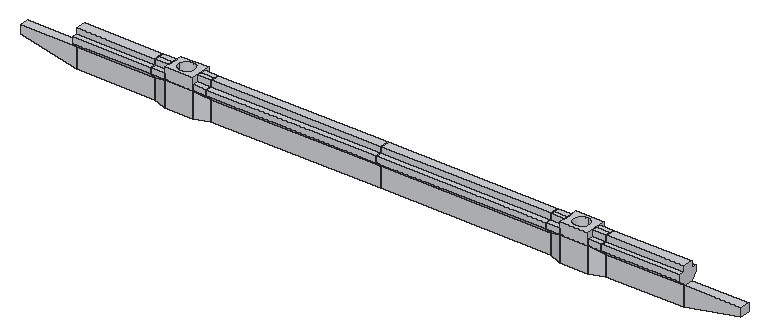
Revit family "crossBeam", category 常规模型, Revit 2020
Family settings
  可将钢筋附着到主体 = 否
  圆形连接件大小 = 使用直径
  零件类型 = 标准
  基于工作平面 = 否
  总是垂直 = 是
  加载时剪切的空心 = 否
  共享 = 否
  房间计算点 = 否
Parameters
  默认高程 = 0 cm
  r1 [instance] = 34 cm
  l6 [instance] = 245 cm
  l5 [instance] = 337.5 cm
  l4 [instance] = 60 cm
  l3 [instance] = 120 cm
  l2 [instance] = 60 cm
  l1/2 [instance] = 732.5 cm
Reference planes (cm)
  plane 1 "中心(前/后)": y = 0
  plane 2: z = 0
  plane 3 "中心(左/右)": x = 0
  plane 4: x = -732.5
  plane 5: x = -792.5
  plane 6: x = -912.5
  plane 7: x = -972.5
  plane 8: x = -1310
  plane 9: x = -1555
  plane 10: x = 732.5
  plane 11: x = 792.5
  plane 12: x = 912.5
  plane 13: x = 972.5
  plane 14: x = 1310
  plane 15: x = 1555
  plane 16: z = -160
Forms (cm)
  Sweep 1, solid
    path origin (0, 0, 0) x (1, 0, 0) y (0, 1, 0)
      loop
        line (-732.5, 0) -> (0, 0)
    profile origin (-366.25, 0, 0) x (0, 1, 0) y (0, 0, 1)
      loop
        line (0, 0) -> (-20, 0) -> (-20, -25) -> (-45, -25) -> (-45, -50) -> (-20, -75) -> (-20, -160) -> (0, -160) -> (20, -160) -> (20, -75) -> (45, -50) -> (45, -25) -> (20, -25) -> (20, 0) -> (0, 0)
  Sweep 2, solid
    path origin (0, 0, 0) x (1, 0, 0) y (0, 1, 0)
      loop
        line (0, 0) -> (732.5, 0)
    profile origin (366.25, 0, 0) x (0, 1, 0) y (0, 0, 1)
      loop
        line (0, 0) -> (-20, 0) -> (-20, -25) -> (-45, -25) -> (-45, -50) -> (-20, -75) -> (-20, -160) -> (0, -160) -> (20, -160) -> (20, -75) -> (45, -50) -> (45, -25) -> (20, -25) -> (20, 0) -> (0, 0)
  SweptBlend 3, solid
    path origin (0, 0, 0) x (1, 0, 0) y (0, 1, 0)
      loop
        line (-732.5, 0) -> (-792.5, 0)
    profile origin (-732.5, 0, 0) x (0, -1, 0) y (0, 0, 1)
      loop
        line (0, 0) -> (-20, 0) -> (-20, -25) -> (-45, -25) -> (-45, -50) -> (-20, -75) -> (-20, -160) -> (0, -160) -> (20, -160) -> (20, -75) -> (45, -50) -> (45, -25) -> (20, -25) -> (20, 0) -> (0, 0)
    end profile origin (-792.5, 0, 0) x (0, -1, 0) y (0, 0, 1)
      loop
        line (0, 0) -> (-20, 0) -> (-20, -25) -> (-45, -25) -> (-45, -50) -> (-44, -51) -> (-44, -160) -> (0, -160) -> (44, -160) -> (44, -51) -> (45, -50) -> (45, -25) -> (20, -25) -> (20, 0) -> (0, 0)
  Sweep 4, solid
    path origin (0, 0, 0) x (1, 0, 0) y (0, 1, 0)
      loop
        line (-792.5, 0) -> (-912.5, 0)
    profile origin (-852.5, 0, 0) x (0, -1, 0) y (0, 0, 1)
      loop
        line (-45, 0) -> (-45, -50) -> (-44, -51) -> (-44, -160) -> (0, -160) -> (44, -160) -> (44, -51) -> (45, -50) -> (45, 0) -> (-45, 0)
  SweptBlend 5, solid
    path origin (0, 0, 0) x (1, 0, 0) y (0, 1, 0)
      loop
        line (-912.5, 0) -> (-972.5, 0)
    profile origin (-912.5, 0, 0) x (0, -1, 0) y (0, 0, 1)
      loop
        line (0, 0) -> (-20, 0) -> (-20, -25) -> (-45, -25) -> (-45, -50) -> (-44, -51) -> (-44, -160) -> (0, -160) -> (44, -160) -> (44, -51) -> (45, -50) -> (45, -25) -> (20, -25) -> (20, 0) -> (0, 0)
    end profile origin (-972.5, 0, 0) x (0, -1, 0) y (0, 0, 1)
      loop
        line (0, 0) -> (-20, 0) -> (-20, -25) -> (-45, -25) -> (-45, -50) -> (-20, -75) -> (-20, -160) -> (0, -160) -> (20, -160) -> (20, -75) -> (45, -50) -> (45, -25) -> (20, -25) -> (20, 0) -> (0, 0)
  Sweep 6, solid
    path origin (0, 0, 0) x (1, 0, 0) y (0, 1, 0)
      loop
        line (-972.5, 0) -> (-1310, 0)
    profile origin (-1141.25, 0, 0) x (0, -1, 0) y (0, 0, 1)
      loop
        line (0, 0) -> (-20, 0) -> (-20, -25) -> (-45, -25) -> (-45, -50) -> (-20, -75) -> (-20, -160) -> (0, -160) -> (20, -160) -> (20, -75) -> (45, -50) -> (45, -25) -> (20, -25) -> (20, 0) -> (0, 0)
  SweptBlend 7, solid
    path origin (0, 0, 0) x (1, 0, 0) y (0, 1, 0)
      loop
        line (-1310, 0) -> (-1555, 0)
    profile origin (-1310, 0, 0) x (0, -1, 0) y (0, 0, 1)
      loop
        line (-20, -75) -> (-20, -160) -> (20, -160) -> (20, -75) -> (-20, -75)
    end profile origin (-1555, 0, 0) x (0, -1, 0) y (0, 0, 1)
      loop
        line (-20, -75) -> (-20, -110) -> (20, -110) -> (20, -75) -> (-20, -75)
  Sweep 8, void
    path origin (0, 0, 0) x (0, 1, 0) y (0, 0, 1)
      loop
        line (0, 0) -> (0, -160)
    profile origin (0, 0, -80) x (1, 0, 0) y (0, 1, 0)
      loop
        circle (-852.5, 0) r 34
  SweptBlend 9, solid
    path origin (0, 0, 0) x (1, 0, 0) y (0, 1, 0)
      loop
        line (732.5, 0) -> (792.5, 0)
    profile origin (732.5, 0, 0) x (0, 1, 0) y (0, 0, 1)
      loop
        line (0, 0) -> (-20, 0) -> (-20, -25) -> (-45, -25) -> (-45, -50) -> (-20, -75) -> (-20, -160) -> (0, -160) -> (20, -160) -> (20, -75) -> (45, -50) -> (45, -25) -> (20, -25) -> (20, 0) -> (0, 0)
    end profile origin (792.5, 0, 0) x (0, 1, 0) y (0, 0, 1)
      loop
        line (0, 0) -> (-20, 0) -> (-20, -25) -> (-45, -25) -> (-45, -50) -> (-44, -51) -> (-44, -160) -> (0, -160) -> (44, -160) -> (44, -51) -> (45, -50) -> (45, -25) -> (20, -25) -> (20, 0) -> (0, 0)
  Sweep 10, solid
    path origin (0, 0, 0) x (1, 0, 0) y (0, 1, 0)
      loop
        line (792.5, 0) -> (912.5, 0)
    profile origin (852.5, 0, 0) x (0, 1, 0) y (0, 0, 1)
      loop
        line (0, 0) -> (-45, 0) -> (-45, -50) -> (-44, -51) -> (-44, -160) -> (0, -160) -> (44, -160) -> (44, -51) -> (45, -50) -> (45, 0) -> (0, 0)
  SweptBlend 11, solid
    path origin (0, 0, 0) x (1, 0, 0) y (0, 1, 0)
      loop
        line (912.5, 0) -> (972.5, 0)
    profile origin (912.5, 0, 0) x (0, 1, 0) y (0, 0, 1)
      loop
        line (0, 0) -> (-20, 0) -> (-20, -25) -> (-45, -25) -> (-45, -50) -> (-44, -51) -> (-44, -160) -> (0, -160) -> (44, -160) -> (44, -51) -> (45, -50) -> (45, -25) -> (20, -25) -> (20, 0) -> (0, 0)
    end profile origin (972.5, 0, 0) x (0, 1, 0) y (0, 0, 1)
      loop
        line (0, 0) -> (-20, 0) -> (-20, -25) -> (-45, -25) -> (-45, -50) -> (-20, -75) -> (-20, -160) -> (0, -160) -> (20, -160) -> (20, -75) -> (45, -50) -> (45, -25) -> (20, -25) -> (20, 0) -> (0, 0)
  Sweep 12, solid
    path origin (0, 0, 0) x (1, 0, 0) y (0, 1, 0)
      loop
        line (972.5, 0) -> (1310, 0)
    profile origin (1141.25, 0, 0) x (0, 1, 0) y (0, 0, 1)
      loop
        line (0, 0) -> (-20, 0) -> (-20, -25) -> (-45, -25) -> (-45, -50) -> (-20, -75) -> (-20, -160) -> (0, -160) -> (20, -160) -> (20, -75) -> (45, -50) -> (45, -25) -> (20, -25) -> (20, 0) -> (0, 0)
  SweptBlend 13, solid
    path origin (0, 0, 0) x (1, 0, 0) y (0, 1, 0)
      loop
        line (1310, 0) -> (1555, 0)
    profile origin (1310, 0, 0) x (0, 1, 0) y (0, 0, 1)
      loop
        line (-20, -75) -> (-20, -160) -> (20, -160) -> (20, -75) -> (-20, -75)
    end profile origin (1555, 0, 0) x (0, 1, 0) y (0, 0, 1)
      loop
        line (-20, -75) -> (-20, -110) -> (20, -110) -> (20, -75) -> (-20, -75)
  Sweep 14, void
    path origin (0, 0, 0) x (1, 0, 0) y (0, 0, 1)
      loop
        line (852.5, 0) -> (852.5, -160)
    profile origin (852.5, 0, -80) x (0, -1, 0) y (1, 0, 0)
      loop
        circle (0, 0) r 34
Cuts and joins
  Sweep 8 cuts Sweep 4
  Sweep 14 cuts Sweep 10
Dimensions and locks (cm)
  "l1/2": plane 4 to plane 3 "中心(左/右)"
  "l1/2": plane 3 "中心(左/右)" to plane 10
  "l2": plane 5 to plane 4
  "l3": plane 6 to plane 5
  "l4": plane 7 to plane 6
  "l5": plane 8 to plane 7
  "l6": plane 9 to plane 8
  "l2": plane 10 to plane 11
  "l3": plane 11 to plane 12
  "l4": plane 12 to plane 13
  "l5": plane 13 to plane 14
  "l6": plane 14 to plane 15
  "r1": radius of Sweep 8 sketch curve
  "r1": radius of Sweep 14 sketch curve
  aligned and locked: level to plane 2
Automatic sketch dimensions
  Sweep 1 sketch curve to plane 1 "中心(前/后)" = 0 cm
  Sweep 1 sketch curve to plane 4 = 0 cm
  Sweep 1 sketch curve to plane 3 "中心(左/右)" = 0 cm
  plane 1 "中心(前/后)" to Sweep 2 sketch curve = 0 cm
  Sweep 2 sketch curve to plane 3 "中心(左/右)" = 0 cm
  Sweep 2 sketch curve to plane 10 = 0 cm
  Sweep 2 sketch curve to level = 0 cm
  Sweep 2 sketch curve to profile plane = 0 cm  (x2)
  profile plane to Sweep 2 sketch curve = 20 cm  (x2)
  Sweep 2 sketch curve to Sweep 2 sketch curve = 25 cm  (x6)
  Sweep 2 sketch curve to profile plane = 20 cm  (x2)
  Sweep 2 sketch curve to level = 25 cm  (x2)
  Sweep 2 sketch curve to Sweep 2 sketch curve = 85 cm
  Sweep 1 sketch curve to level = 0 cm
  Sweep 1 sketch curve to profile plane = 0 cm  (x2)
  Sweep 1 sketch curve to Sweep 1 sketch curve = 20 cm  (x2)
  profile plane to Sweep 1 sketch curve = 20 cm
  Sweep 1 sketch curve to Sweep 1 sketch curve = 25 cm  (x6)
  Sweep 1 sketch curve to profile plane = 20 cm
  Sweep 1 sketch curve to level = 25 cm  (x2)
  Sweep 1 sketch curve to Sweep 1 sketch curve = 85 cm
  SweptBlend 3 sketch curve to plane 1 "中心(前/后)" = 0 cm
  SweptBlend 3 sketch curve to plane 5 = 0 cm
  SweptBlend 3 sketch curve to plane 4 = 0 cm
  SweptBlend 3 sketch curve to level = 0 cm  (x2)
  SweptBlend 3 sketch curve to profile plane = 0 cm  (x4)
  profile plane to SweptBlend 3 sketch curve = 20 cm  (x3)
  SweptBlend 3 sketch curve to SweptBlend 3 sketch curve = 25 cm  (x9)
  SweptBlend 3 sketch curve to profile plane = 20 cm
  SweptBlend 3 sketch curve to SweptBlend 3 sketch curve = 20 cm  (x2)
  SweptBlend 3 sketch curve to level = 25 cm  (x4)
  SweptBlend 3 sketch curve to SweptBlend 3 sketch curve = 85 cm
  profile plane to SweptBlend 3 sketch curve = 44 cm
  SweptBlend 3 sketch curve to profile plane = 44 cm
  SweptBlend 3 sketch curve to SweptBlend 3 sketch curve = 1 cm  (x3)
  SweptBlend 3 sketch curve to SweptBlend 3 sketch curve = 109 cm
  Sweep 4 sketch curve to plane 1 "中心(前/后)" = 0 cm
  Sweep 4 sketch curve to plane 6 = 0 cm
  Sweep 4 sketch curve to plane 5 = 0 cm
  SweptBlend 5 sketch curve to plane 1 "中心(前/后)" = 0 cm
  SweptBlend 5 sketch curve to plane 7 = 0 cm
  SweptBlend 5 sketch curve to plane 6 = 0 cm
  SweptBlend 5 sketch curve to level = 0 cm  (x2)
  SweptBlend 5 sketch curve to profile plane = 0 cm  (x4)
  profile plane to SweptBlend 5 sketch curve = 20 cm  (x2)
  SweptBlend 5 sketch curve to SweptBlend 5 sketch curve = 44 cm
  SweptBlend 5 sketch curve to SweptBlend 5 sketch curve = 25 cm  (x9)
  SweptBlend 5 sketch curve to profile plane = 20 cm  (x3)
  SweptBlend 5 sketch curve to profile plane = 44 cm
  SweptBlend 5 sketch curve to SweptBlend 5 sketch curve = 1 cm  (x3)
  SweptBlend 5 sketch curve to level = 25 cm  (x4)
  SweptBlend 5 sketch curve to SweptBlend 5 sketch curve = 109 cm
  SweptBlend 5 sketch curve to SweptBlend 5 sketch curve = 20 cm
  SweptBlend 5 sketch curve to SweptBlend 5 sketch curve = 85 cm
  Sweep 6 sketch curve to plane 1 "中心(前/后)" = 0 cm
  Sweep 6 sketch curve to plane 8 = 0 cm
  Sweep 6 sketch curve to plane 7 = 0 cm
  Sweep 6 sketch curve to level = 0 cm
  Sweep 6 sketch curve to profile plane = 0 cm  (x2)
  profile plane to Sweep 6 sketch curve = 20 cm  (x2)
  Sweep 6 sketch curve to Sweep 6 sketch curve = 25 cm  (x6)
  Sweep 6 sketch curve to Sweep 6 sketch curve = 20 cm  (x2)
  Sweep 6 sketch curve to level = 25 cm  (x2)
  Sweep 6 sketch curve to Sweep 6 sketch curve = 85 cm
  SweptBlend 7 sketch curve to plane 1 "中心(前/后)" = 0 cm
  SweptBlend 7 sketch curve to plane 9 = 0 cm
  SweptBlend 7 sketch curve to plane 8 = 0 cm
  SweptBlend 7 sketch curve to profile plane = 20 cm  (x2)
  SweptBlend 7 sketch curve to level = 160 cm
  SweptBlend 7 sketch curve to level = 75 cm
  profile plane to SweptBlend 7 sketch curve = 20 cm  (x2)
  SweptBlend 7 sketch curve to level = 110 cm
  SweptBlend 7 sketch curve to SweptBlend 7 sketch curve = 35 cm
  Sweep 8 sketch curve to plane 1 "中心(前/后)" = 0 cm
  Sweep 8 sketch curve to plane 16 = 0 cm
  Sweep 8 sketch curve to level = 0 cm
  Sweep 4 sketch curve to profile plane = 0 cm
  Sweep 4 sketch curve to level = 0 cm
  profile plane to Sweep 4 sketch curve = 44 cm
  Sweep 4 sketch curve to Sweep 4 sketch curve = 1 cm  (x4)
  Sweep 4 sketch curve to profile plane = 44 cm
  Sweep 4 sketch curve to level = 50 cm  (x2)
  Sweep 4 sketch curve to Sweep 4 sketch curve = 109 cm
  plane 1 "中心(前/后)" to SweptBlend 9 sketch curve = 0 cm
  SweptBlend 9 sketch curve to plane 10 = 0 cm
  SweptBlend 9 sketch curve to plane 11 = 0 cm
  SweptBlend 9 sketch curve to level = 0 cm  (x2)
  SweptBlend 9 sketch curve to profile plane = 0 cm  (x4)
  profile plane to SweptBlend 9 sketch curve = 20 cm  (x2)
  SweptBlend 9 sketch curve to SweptBlend 9 sketch curve = 25 cm  (x9)
  SweptBlend 9 sketch curve to profile plane = 20 cm  (x2)
  SweptBlend 9 sketch curve to SweptBlend 9 sketch curve = 20 cm  (x2)
  SweptBlend 9 sketch curve to level = 25 cm  (x4)
  SweptBlend 9 sketch curve to SweptBlend 9 sketch curve = 85 cm
  SweptBlend 9 sketch curve to SweptBlend 9 sketch curve = 24 cm
  SweptBlend 9 sketch curve to profile plane = 44 cm
  SweptBlend 9 sketch curve to SweptBlend 9 sketch curve = 1 cm  (x3)
  SweptBlend 9 sketch curve to SweptBlend 9 sketch curve = 109 cm
  plane 1 "中心(前/后)" to Sweep 10 sketch curve = 0 cm
  Sweep 10 sketch curve to plane 11 = 0 cm
  Sweep 10 sketch curve to plane 12 = 0 cm
  Sweep 10 sketch curve to level = 0 cm
  Sweep 10 sketch curve to profile plane = 0 cm  (x2)
  Sweep 10 sketch curve to Sweep 10 sketch curve = 44 cm
  profile plane to Sweep 10 sketch curve = 45 cm
  Sweep 10 sketch curve to profile plane = 44 cm
  Sweep 10 sketch curve to Sweep 10 sketch curve = 45 cm
  Sweep 10 sketch curve to level = 50 cm  (x2)
  Sweep 10 sketch curve to Sweep 10 sketch curve = 1 cm  (x2)
  Sweep 10 sketch curve to Sweep 10 sketch curve = 109 cm
  plane 1 "中心(前/后)" to SweptBlend 11 sketch curve = 0 cm
  SweptBlend 11 sketch curve to plane 12 = 0 cm
  SweptBlend 11 sketch curve to plane 13 = 0 cm
  SweptBlend 11 sketch curve to level = 0 cm  (x2)
  SweptBlend 11 sketch curve to profile plane = 0 cm  (x4)
  profile plane to SweptBlend 11 sketch curve = 20 cm  (x3)
  SweptBlend 11 sketch curve to SweptBlend 11 sketch curve = 24 cm
  SweptBlend 11 sketch curve to SweptBlend 11 sketch curve = 25 cm  (x9)
  SweptBlend 11 sketch curve to profile plane = 20 cm  (x2)
  SweptBlend 11 sketch curve to profile plane = 44 cm
  SweptBlend 11 sketch curve to SweptBlend 11 sketch curve = 1 cm  (x3)
  SweptBlend 11 sketch curve to level = 25 cm  (x4)
  SweptBlend 11 sketch curve to SweptBlend 11 sketch curve = 109 cm
  SweptBlend 11 sketch curve to SweptBlend 11 sketch curve = 20 cm
  SweptBlend 11 sketch curve to SweptBlend 11 sketch curve = 85 cm
  plane 1 "中心(前/后)" to Sweep 12 sketch curve = 0 cm
  Sweep 12 sketch curve to plane 13 = 0 cm
  Sweep 12 sketch curve to plane 14 = 0 cm
  Sweep 12 sketch curve to level = 0 cm
  Sweep 12 sketch curve to profile plane = 0 cm  (x2)
  Sweep 12 sketch curve to Sweep 12 sketch curve = 20 cm
  profile plane to Sweep 12 sketch curve = 20 cm
  Sweep 12 sketch curve to Sweep 12 sketch curve = 25 cm  (x6)
  Sweep 12 sketch curve to profile plane = 20 cm  (x2)
  Sweep 12 sketch curve to level = 25 cm  (x2)
  Sweep 12 sketch curve to Sweep 12 sketch curve = 85 cm
  plane 1 "中心(前/后)" to SweptBlend 13 sketch curve = 0 cm
  SweptBlend 13 sketch curve to plane 14 = 0 cm
  SweptBlend 13 sketch curve to plane 15 = 0 cm
  SweptBlend 13 sketch curve to profile plane = 20 cm  (x2)
  SweptBlend 13 sketch curve to level = 160 cm
  SweptBlend 13 sketch curve to level = 75 cm
  profile plane to SweptBlend 13 sketch curve = 20 cm  (x2)
  SweptBlend 13 sketch curve to level = 110 cm
  SweptBlend 13 sketch curve to SweptBlend 13 sketch curve = 35 cm
  Sweep 14 sketch curve to plane 16 = 0 cm
  Sweep 14 sketch curve to level = 0 cm
  Sweep 14 sketch curve to plane 11 = 60 cm
  Sweep 8 sketch curve to profile plane = 0 cm
  Sweep 8 sketch curve to plane 3 "中心(左/右)" = 852.5 cm
  plane 1 "中心(前/后)" to Sweep 14 sketch curve = 0 cm
  Sweep 14 sketch curve to profile plane = 0 cm
